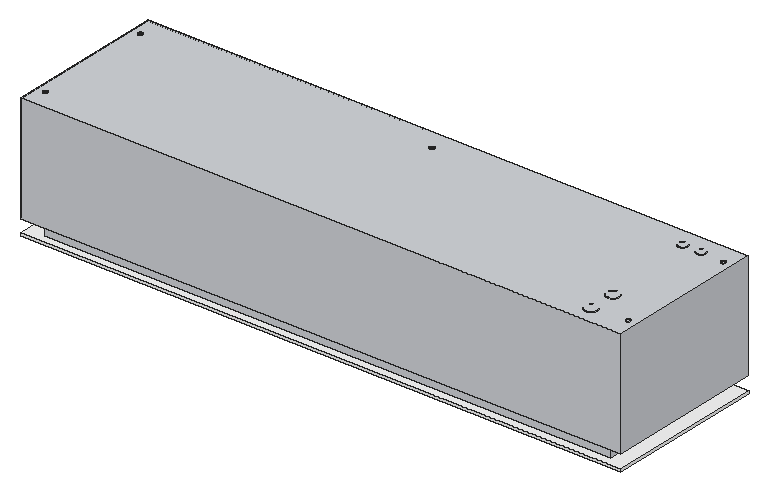
Revit family "T1500ER", category Mechanical Equipment, host Ceiling, Revit 2015
Parameters (values of type "T1500W18R 60/40")
  width = 436 mm
  length = 1650 mm
  center y = width / 2  # 218 mm
  center x = length / 2  # 825 mm
  Weight (kg) = "42"
  Warranty = "Unit fully covered for 2 years parts and labour from the start of purchase unless the warranty is made void"
  Version = "1.0"
  URL = "www.thermoscreens.com"
  Type Comments = "n/a"
  TempertureClassification = "LowTemperature"
  Supply (50hz) = "230V~3P&N"
  ProductFinish = "Corrision resistant pre-finish white 9010 20 gauge sheet metal"
  Product URL = "http://www.thermoscreens.com/our-product-range/t-range"
  Noise level dB (A) @3m Med = "56"
  Noise level dB (A) @3m Low = "54"
  Noise level dB (A) @3m High = "58"
  Model = "T1500W18R 60/40"
  Max. Velocity (m/s) = "6.5"
  Max Air Volume (m3/H) = "2655"
  Material = "20g sheet metal"
  Manufacturer = "Thermoscreens"
  Loading(A)*perPhase = "1.1"
  Keynote = ""
  IssueDate = "05/05/2015"
  HeatSource = "Electric heated elements or low perssure hot water coils"
  Heat output (kW) = "n/a"
  Flow = no
  Fans = "Forward curved metal bladed crossflow impellers"
  Description = "Thermoscreens T range air curtains have become the industry standard to meet a wide range of requirements for both commercial and retail environments. The air curtains will provide climate separation for entrances up to 3m in height and available in standard widths of 1, 1.5 and 2m.  Models available are ambient (without heating), electrical or water heated versions. Electrical and LPHW models are supplied complete with Ecopower control. Thermoscreens T range air curtains have become the industry standard to meet a wide range of requirements for both commercial and retail environments. The air curtains will provide climate separation for entrances up to 3m in height and available in standard widths of 1, 1.5 and 2m.  Models available are ambient (without heating), electrical or water heated versions. Electrical and LPHW models are supplied complete with Ecopower control. Thermoscreens T range air curtains have become the industry standard to meet a wide range of requirements for both commercial and retail environments. The air curtains will provide climate separation for entrances up to 3m in height and available in standard widths of 1, 1.5 and 2m.  Models available are ambient (without heating), electrical or water heated versions. Electrical and LPHW models are supplied complete with Ecopower control."
  Created by = "Thermoscreens ltd"
  Cost = 0
  ContactUs = "http://www.thermoscreens.com/contact-us"
  Boundary work space = no
  Boundary box width = 500 mm
  Boundary box length = 500 mm
  Assembly Code = "n/a"
Types (5, lengths in mm): name | Weight (kg) | Supply (50hz) | Model | Max. Velocity (m/s) | Max Air Volume (m3/H) | Loading(A)*perPhase | Keynote | Heat output (kW) | Boundary box length
  T1500E12R | "41" | "400V~3P&N" | "T1500E12R" | "7.5" | "3000" | "18.9" | "n/a" | "6/12" | 744.495
  T1500E18R | "41" | "400V~3P&N" | "T1500E18R" | "7.5" | "3000" | "27.9" | "" | "9/18" | 500
  T1500AR | "40" | "230V~3P&N" | "T1500AR" | "7.5" | "3000" | "1.1" | "" | "n/a" | 500
  T1500W18R 82/71 | "42" | "230V~3P&N" | "T1500W18R 82/71" | "7.0" | "2950" | "1.1" | "" | "n/a" | 500
  T1500W18R 60/40 | "42" | "230V~3P&N" | "T1500W18R 60/40" | "6.5" | "2655" | "1.1" | "" | "n/a" | 500
Reference planes
  plane 1 "Center (Front/Back)": y = 0
  plane 2: z = 0
  plane 3 "Center (Left/Right)": x = 0
  plane 4 "Ceiling": z = 0
  plane 5: y = 218
  plane 6: y = -218
  plane 7: x = -825
  plane 8: x = 825
  plane 9: x = -777.5
  plane 10: x = 777.5
  plane 11: y = -195
  plane 12: y = 195
  plane 13: z = -14
Forms (mm)
  Extrusion 1, solid, material "Default"
    sketch origin (0, 0, -7) x (0, 1, 0) y (-1, 0, 0)
      loop
        line (218, 825) -> (-218, 825) -> (-218, -825) -> (218, -825) -> (218, 825)
    from 0 to 7
  Extrusion 2, solid
    sketch origin (0, 0, 0) x (0, 1, 0) y (-1, 0, 0)
      loop
        line (195, 777.5) -> (-195, 777.5) -> (-195, -777.5) -> (195, -777.5) -> (195, 777.5)
    from 0 to 36
  Extrusion 3, solid
    sketch origin (0, 0, 36) x (0, 1, 0) y (-1, 0, 0)
      loop
        line (218, 825) -> (-218, 825) -> (-218, -825) -> (218, -825) -> (218, 825)
    from 0 to 1.2
  Extrusion 4, solid
    sketch origin (825, -218, 36) x (-1, 0, 0) y (0, 0, -1)
      loop
        line (1650, 0) -> (0, 0) -> (0, -296) -> (1650, -296) -> (1650, 0)
    from 0 to -1.2
  Extrusion 5, solid
    sketch origin (825, -218, 332) x (0, 0, -1) y (0, 1, 0)
      loop
        line (0, 0) -> (296, 0) -> (296, 436) -> (0, 436) -> (0, 0)
    from 0 to -1.2
  Extrusion 6, solid
    sketch origin (825, 218, 332) x (0, 0, -1) y (-1, 0, 0)
      loop
        line (0, 0) -> (296, 0) -> (296, 1650) -> (0, 1650) -> (0, 0)
    from 0 to -1.2
  Extrusion 7, solid
    sketch origin (-825, -218, 36) x (0, 1, 0) y (0, 0, -1)
      loop
        line (436, 0) -> (0, 0) -> (0, -296) -> (436, -296) -> (436, 0)
    from 0 to -1.2
  Extrusion 8, solid
    sketch origin (-825, -218, 332) x (1, 0, 0) y (0, 1, 0)
      loop
        line (0, 0) -> (1650, 0) -> (1650, 436) -> (0, 436) -> (0, 0)
    from 0 to -1.2
  Extrusion 9, solid
    sketch origin (-825, -218, 332) x (1, 0, 0) y (0, 1, 0)
      loop
        circle (1529, 46) r 17.5
      loop
        circle (1529, 122) r 17.5
    from 0 to -1.2
  Extrusion 10, solid
    sketch origin (-825, -218, 332) x (1, 0, 0) y (0, 1, 0)
      loop
        circle (1560, 386) r 12.5
      loop
        circle (1510, 386) r 12.5
    from 0 to -1.2
  Extrusion 11, solid
    sketch origin (-825, -218, 332) x (1, 0, 0) y (0, 1, 0)
      loop
        circle (1625, 381) r 6
      loop
        circle (1625, 55) r 6
      loop
        circle (25, 381) r 6
      loop
        circle (25, 55) r 6
      loop
        circle (825, 381) r 6
    from 0 to -1.2
  Extrusion 12, void
    sketch origin (0, 0, -7) x (0, 1, 0) y (-1, 0, 0)
      loop
        line (-176.8, -790) -> (-151.8, -790) -> (-151.8, 790) -> (-176.8, 790) -> (-176.8, -790)
      loop
        line (-141.8, -790) -> (-116.8, -790) -> (-116.8, 790) -> (-141.8, 790) -> (-141.8, -790)
      loop
        line (-106.8, -790) -> (-81.8, -790) -> (-81.8, 790) -> (-106.8, 790) -> (-106.8, -790)
      loop
        line (-61.8, 790) -> (-61.8, -790) -> (-56.8, -790) -> (-56.8, 790) -> (-61.8, 790)
      loop
        line (-51.8, 790) -> (-51.8, -790) -> (-46.8, -790) -> (-46.8, 790) -> (-51.8, 790)
      loop
        line (-41.8, 790) -> (-41.8, -790) -> (-36.8, -790) -> (-36.8, 790) -> (-41.8, 790)
      loop
        line (-31.8, 790) -> (-31.8, -790) -> (-26.8, -790) -> (-26.8, 790) -> (-31.8, 790)
      loop
        line (-21.8, 790) -> (-21.8, -790) -> (-16.8, -790) -> (-16.8, 790) -> (-21.8, 790)
      loop
        line (-11.8, 790) -> (-11.8, -790) -> (-6.8, -790) -> (-6.8, 790) -> (-11.8, 790)
      loop
        line (-1.8, 790) -> (-1.8, -790) -> (3.2, -790) -> (3.2, 790) -> (-1.8, 790)
      loop
        line (8.2, 790) -> (8.2, -790) -> (13.2, -790) -> (13.2, 790) -> (8.2, 790)
      loop
        line (18.2, 790) -> (18.2, -790) -> (23.2, -790) -> (23.2, 790) -> (18.2, 790)
      loop
        line (28.2, 790) -> (28.2, -790) -> (33.2, -790) -> (33.2, 790) -> (28.2, 790)
      loop
        line (38.2, 790) -> (38.2, -790) -> (43.2, -790) -> (43.2, 790) -> (38.2, 790)
      loop
        line (48.2, 790) -> (48.2, -790) -> (53.2, -790) -> (53.2, 790) -> (48.2, 790)
      loop
        line (58.2, 790) -> (58.2, -790) -> (63.2, -790) -> (63.2, 790) -> (58.2, 790)
      loop
        line (68.2, 790) -> (68.2, -790) -> (73.2, -790) -> (73.2, 790) -> (68.2, 790)
      loop
        line (78.2, 790) -> (78.2, -790) -> (83.2, -790) -> (83.2, 790) -> (78.2, 790)
      loop
        line (88.2, 790) -> (88.2, -790) -> (93.2, -790) -> (93.2, 790) -> (88.2, 790)
      loop
        line (98.2, 790) -> (98.2, -790) -> (103.2, -790) -> (103.2, 790) -> (98.2, 790)
      loop
        line (108.2, 790) -> (108.2, -790) -> (113.2, -790) -> (113.2, 790) -> (108.2, 790)
      loop
        line (118.2, 790) -> (118.2, -790) -> (123.2, -790) -> (123.2, 790) -> (118.2, 790)
      loop
        line (128.2, 790) -> (128.2, -790) -> (133.2, -790) -> (133.2, 790) -> (128.2, 790)
      loop
        line (138.2, 790) -> (138.2, -790) -> (143.2, -790) -> (143.2, 790) -> (138.2, 790)
      loop
        line (148.2, 790) -> (148.2, -790) -> (153.2, -790) -> (153.2, 790) -> (148.2, 790)
      loop
        line (158.2, 790) -> (158.2, -790) -> (163.2, -790) -> (163.2, 790) -> (158.2, 790)
      loop
        line (168.2, 790) -> (168.2, -790) -> (173.2, -790) -> (173.2, 790) -> (168.2, 790)
    from 0 to 5
  Extrusion 13, solid, material "air flow", visible <- "Boundary work space", detail levels fine
    sketch origin (-825, -218, 332) x (1, 0, 0) y (0, 1, 0)
      loop
        line (-500, 936) -> (-500, 0) -> (0, 0) -> (0, 436) -> (1650, 436) -> (1650, 0) -> (2150, 0) -> (2150, 936) -> (-500, 936)
    from 0 to -339
  Extrusion 14, solid, material "air flow", visible <- "Flow", detail levels fine
    sketch origin (0, 0, -7) x (-1, 0, 0) y (0, 1, 0)
      loop
        line (825, -218) -> (825, 216.8) -> (-825, 216.8) -> (-825, -218) -> (825, -218)
    from 2993.503 to 0
Cuts and joins
  Extrusion 12 cuts Extrusion 1
  joined: Extrusion 3, Extrusion 4, Extrusion 5, Extrusion 6, Extrusion 7, Extrusion 8
Dimensions and locks
  equal spacing: host sketch curve, plane 3 "Center (Left/Right)", host sketch curve
  equal spacing: host sketch curve, plane 1 "Center (Front/Back)", host sketch curve
  host sketch curve to host sketch curve = 4000 mm  (x2)
  locked: plane 4 "Ceiling" to host ceiling at 0
  "length": plane 7 to plane 8
  "width": plane 5 to plane 6
  "center y": plane 5 to plane 1 "Center (Front/Back)"
  "center x": plane 3 "Center (Left/Right)" to plane 8
  locked: plane 7 to plane 9 at 47.5
  locked: plane 10 to plane 8 at 47.5
  locked: plane 6 to plane 11 at 23
  locked: plane 5 to plane 12 at 23
  Extrusion 8 to Extrusion 9 sketch curve = 46 mm
  Extrusion 9 sketch curve to Extrusion 9 sketch curve = 76 mm
  Extrusion 9 sketch curve to Extrusion 8 = 121 mm  (x2)
  Extrusion 10 sketch curve to Extrusion 10 sketch curve = 50 mm
  Extrusion 10 sketch curve to Extrusion 8 = 90 mm
  Extrusion 8 to Extrusion 10 sketch curve = 50 mm  (x2)
  locked: Extrusion 11 sketch curve to Extrusion 8 at 25  (x2)
  locked: Extrusion 8 to Extrusion 11 sketch curve at 55  (x5)
  locked: Extrusion 8 to Extrusion 11 sketch curve at 25  (x2)
  Extrusion 11 sketch curve to Extrusion 11 sketch curve = 800 mm
  level to plane 13 = 14 mm
  diameter of Extrusion 9 sketch curve = 35 mm  (x2)
  locked: Extrusion 11 sketch curve to Extrusion 11 sketch curve (diameter 12 mm)  (x5)
Automatic sketch dimensions
  Extrusion 1 sketch curve to plane 6 = 0 mm
  Extrusion 1 sketch curve to plane 5 = 0 mm
  Extrusion 1 sketch curve to plane 8 = 0 mm
  Extrusion 1 sketch curve to plane 7 = 0 mm
  Extrusion 2 sketch curve to Extrusion 1 = 23 mm  (x2)
  Extrusion 2 sketch curve to Extrusion 1 = 47.5 mm  (x2)
  Extrusion 2 to Extrusion 3 sketch curve = 23 mm  (x2)
  Extrusion 2 to Extrusion 3 sketch curve = 47.5 mm  (x2)
  Extrusion 4 sketch curve to Extrusion 3 = 0 mm  (x3)
  Extrusion 4 sketch curve to Extrusion 3 = 294.8 mm
  Extrusion 4 to Extrusion 5 sketch curve = 0 mm  (x2)
  Extrusion 5 sketch curve to Extrusion 4 = 0 mm
  Extrusion 5 sketch curve to Extrusion 4 = 434.8 mm
  Extrusion 6 sketch curve to Extrusion 5 = 0 mm  (x3)
  Extrusion 6 sketch curve to Extrusion 5 = 1648.8 mm
  Extrusion 7 sketch curve to Extrusion 3 = 0 mm  (x3)
  Extrusion 7 sketch curve to Extrusion 3 = 294.8 mm
  Extrusion 8 sketch curve to Extrusion 4 = 0 mm  (x3)
  Extrusion 8 sketch curve to Extrusion 4 = 434.8 mm
  Extrusion 12 sketch curve to Extrusion 12 sketch curve = 5 mm  (x47)
  Extrusion 12 sketch curve to Extrusion 12 sketch curve = 20 mm
  Extrusion 12 sketch curve to Extrusion 12 sketch curve = 25 mm  (x3)
  Extrusion 12 sketch curve to Extrusion 12 sketch curve = 10 mm  (x2)
  Extrusion 1 to Extrusion 12 sketch curve = 35 mm  (x4)
  Extrusion 12 sketch curve to Extrusion 12 sketch curve = 0 mm  (x50)
  Extrusion 1 to Extrusion 12 sketch curve = 41.2 mm
  Extrusion 14 sketch curve to Extrusion 1 = 0 mm  (x3)
  Extrusion 1 to Extrusion 14 sketch curve = 1.2 mm
  Extrusion 13 sketch curve to Extrusion 8 = 0 mm  (x4)
  Extrusion 8 to Extrusion 13 sketch curve = 0 mm
  Extrusion 8 to Extrusion 13 sketch curve = 500 mm  (x2)
  Extrusion 13 sketch curve to Extrusion 13 sketch curve = 500 mm
  radius of Extrusion 10 sketch curve = 12.5 mm  (x2)
Connectors
  piping at (-800, 163, 332), diameter 12
    settings: on Extrusion 11, index 1, connector inside diameter 609.6 mm, connector length 0 mm, flow factor 0, pipe flow 0.0 L/s, pressure drop 0.0 Pa, fitting loss kfactor 0, connector angle 0.00°, fixture units 0, engagement length 0 mm, angle of deflection 0.00°, flow configuration 0, flow direction 0, fitting loss method 0, system type 28, joint type 0, gender type 0, connector reference index -1, connector utility 0, adjustable connector no, is connector primary yes, connector description ""
  piping at (-800, -163, 332), diameter 12
    settings: on Extrusion 11, index 2, connector inside diameter 609.6 mm, connector length 0 mm, flow factor 0, pipe flow 0.0 L/s, pressure drop 0.0 Pa, fitting loss kfactor 0, connector angle 0.00°, fixture units 0, engagement length 0 mm, angle of deflection 0.00°, flow configuration 0, flow direction 0, fitting loss method 0, system type 28, joint type 0, gender type 0, connector reference index -1, connector utility 0, adjustable connector no, is connector primary no, connector description ""
  piping at (0, 163, 332), diameter 12
    settings: on Extrusion 11, index 3, connector inside diameter 609.6 mm, connector length 0 mm, flow factor 0, pipe flow 0.0 L/s, pressure drop 0.0 Pa, fitting loss kfactor 0, connector angle 0.00°, fixture units 0, engagement length 0 mm, angle of deflection 0.00°, flow configuration 0, flow direction 0, fitting loss method 0, system type 28, joint type 0, gender type 0, connector reference index -1, connector utility 0, adjustable connector no, is connector primary no, connector description ""
  piping at (800, 163, 332), diameter 12
    settings: on Extrusion 11, index 4, connector inside diameter 609.6 mm, connector length 0 mm, flow factor 0, pipe flow 0.0 L/s, pressure drop 0.0 Pa, fitting loss kfactor 0, connector angle 0.00°, fixture units 0, engagement length 0 mm, angle of deflection 0.00°, flow configuration 0, flow direction 0, fitting loss method 0, system type 28, joint type 0, gender type 0, connector reference index -1, connector utility 0, adjustable connector no, is connector primary no, connector description ""
  piping at (800, -163, 332), diameter 12
    settings: on Extrusion 11, index 5, connector inside diameter 609.6 mm, connector length 0 mm, flow factor 0, pipe flow 0.0 L/s, pressure drop 0.0 Pa, fitting loss kfactor 0, connector angle 0.00°, fixture units 0, engagement length 0 mm, angle of deflection 0.00°, flow configuration 0, flow direction 0, fitting loss method 0, system type 28, joint type 0, gender type 0, connector reference index -1, connector utility 0, adjustable connector no, is connector primary no, connector description ""
  electrical at (685, 168, 332)
    settings: on Extrusion 10, index 6, voltage 0 V, apparent load 0 VA, apparent load phase1 0 VA, apparent load phase2 0 VA, apparent load phase3 0 VA, power factor 1, load classification "Other", number of poles 1, system type 31, power factor state 1, is connector primary yes, connector utility no, sub classification motor no, connector description ""
  electrical at (735, 168, 332)
    settings: on Extrusion 10, index 7, voltage 0 V, apparent load 0 VA, apparent load phase1 0 VA, apparent load phase2 0 VA, apparent load phase3 0 VA, power factor 1, load classification "Other", number of poles 1, system type 31, power factor state 1, is connector primary no, connector utility no, sub classification motor no, connector description ""
